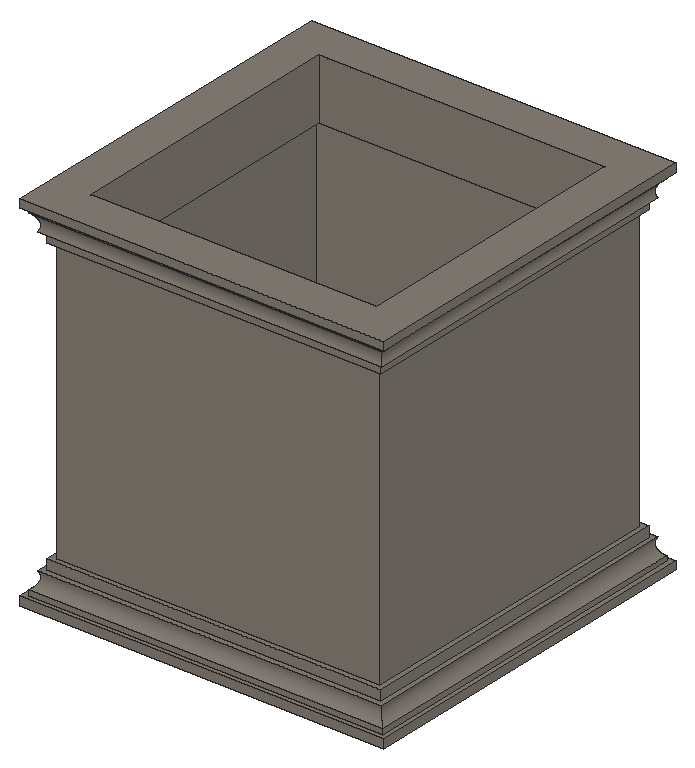
Revit family "Specialty_Equipment-Fiberglass_Planter-Planters_Unlimited-Laguna Rectangular square-rev", category Specialty Equipment, Revit 2023 (continued)
Types (596): name | Type Comments | Description | CD_Width | CD_Specification | CD_Product Page URL | CD_Height | CD_Length | CD_Divider
  96"L x 42"W x 36"H | "Rectangular Planter" | "Laguna Rectangular Planter" | 42.0" | "https://www.plantersunlimited.com/content/Planters/C19-LYN-REC.pdf" | "https://www.plantersunlimited.com/lynx-rectangular-planters48/" | 36.0" | 96.0" | yes
  96"L x 42"W x 42"H | "Rectangular Planter" | "Laguna Rectangular Planter" | 42.0" | "https://www.plantersunlimited.com/content/Planters/C19-LYN-REC.pdf" | "https://www.plantersunlimited.com/lynx-rectangular-planters48/" | 42.0" | 96.0" | yes
  96"L x 42"W x 48"H | "Rectangular Planter" | "Laguna Rectangular Planter" | 42.0" | "https://www.plantersunlimited.com/content/Planters/C19-LYN-REC.pdf" | "https://www.plantersunlimited.com/lynx-rectangular-planters48/" | 48.0" | 96.0" | yes
  108"L x 12"W x 18"H | "Rectangular Planter" | "Laguna Rectangular Planter" | 12.0" | "https://www.plantersunlimited.com/content/Planters/C19-LYN-REC.pdf" | "https://www.plantersunlimited.com/lynx-rectangular-planters48/" | 18.0" | 108.0" | yes
  108"L x 12"W x 24"H | "Rectangular Planter" | "Laguna Rectangular Planter" | 12.0" | "https://www.plantersunlimited.com/content/Planters/C19-LYN-REC.pdf" | "https://www.plantersunlimited.com/lynx-rectangular-planters48/" | 24.0" | 108.0" | yes
  108"L x 12"W x 30"H | "Rectangular Planter" | "Laguna Rectangular Planter" | 12.0" | "https://www.plantersunlimited.com/content/Planters/C19-LYN-REC.pdf" | "https://www.plantersunlimited.com/lynx-rectangular-planters48/" | 30.0" | 108.0" | yes
  108"L x 12"W x 36"H | "Rectangular Planter" | "Laguna Rectangular Planter" | 12.0" | "https://www.plantersunlimited.com/content/Planters/C19-LYN-REC.pdf" | "https://www.plantersunlimited.com/lynx-rectangular-planters48/" | 36.0" | 108.0" | yes
  108"L x 15"W x 18"H | "Rectangular Planter" | "Laguna Rectangular Planter" | 15.0" | "https://www.plantersunlimited.com/content/Planters/C19-LYN-REC.pdf" | "https://www.plantersunlimited.com/lynx-rectangular-planters48/" | 18.0" | 108.0" | yes
  108"L x 15"W x 24"H | "Rectangular Planter" | "Laguna Rectangular Planter" | 15.0" | "https://www.plantersunlimited.com/content/Planters/C19-LYN-REC.pdf" | "https://www.plantersunlimited.com/lynx-rectangular-planters48/" | 24.0" | 108.0" | yes
  108"L x 15"W x 30"H | "Rectangular Planter" | "Laguna Rectangular Planter" | 15.0" | "https://www.plantersunlimited.com/content/Planters/C19-LYN-REC.pdf" | "https://www.plantersunlimited.com/lynx-rectangular-planters48/" | 30.0" | 108.0" | yes
  108"L x 15"W x 36"H | "Rectangular Planter" | "Laguna Rectangular Planter" | 15.0" | "https://www.plantersunlimited.com/content/Planters/C19-LYN-REC.pdf" | "https://www.plantersunlimited.com/lynx-rectangular-planters48/" | 36.0" | 108.0" | yes
  108"L x 15"W x 42"H | "Rectangular Planter" | "Laguna Rectangular Planter" | 15.0" | "https://www.plantersunlimited.com/content/Planters/C19-LYN-REC.pdf" | "https://www.plantersunlimited.com/lynx-rectangular-planters48/" | 42.0" | 108.0" | yes
  108"L x 15"W x 48"H | "Rectangular Planter" | "Laguna Rectangular Planter" | 15.0" | "https://www.plantersunlimited.com/content/Planters/C19-LYN-REC.pdf" | "https://www.plantersunlimited.com/lynx-rectangular-planters48/" | 48.0" | 108.0" | yes
  108"L x 18"W x 18"H | "Rectangular Planter" | "Laguna Rectangular Planter" | 18.0" | "https://www.plantersunlimited.com/content/Planters/C19-LYN-REC.pdf" | "https://www.plantersunlimited.com/lynx-rectangular-planters48/" | 18.0" | 108.0" | yes
  108"L x 18"W x 24"H | "Rectangular Planter" | "Laguna Rectangular Planter" | 18.0" | "https://www.plantersunlimited.com/content/Planters/C19-LYN-REC.pdf" | "https://www.plantersunlimited.com/lynx-rectangular-planters48/" | 24.0" | 108.0" | yes
  108"L x 18"W x 30"H | "Rectangular Planter" | "Laguna Rectangular Planter" | 18.0" | "https://www.plantersunlimited.com/content/Planters/C19-LYN-REC.pdf" | "https://www.plantersunlimited.com/lynx-rectangular-planters48/" | 30.0" | 108.0" | yes
  108"L x 18"W x 36"H | "Rectangular Planter" | "Laguna Rectangular Planter" | 18.0" | "https://www.plantersunlimited.com/content/Planters/C19-LYN-REC.pdf" | "https://www.plantersunlimited.com/lynx-rectangular-planters48/" | 36.0" | 108.0" | yes
  108"L x 18"W x 42"H | "Rectangular Planter" | "Laguna Rectangular Planter" | 18.0" | "https://www.plantersunlimited.com/content/Planters/C19-LYN-REC.pdf" | "https://www.plantersunlimited.com/lynx-rectangular-planters48/" | 42.0" | 108.0" | yes
  108"L x 18"W x 48"H | "Rectangular Planter" | "Laguna Rectangular Planter" | 18.0" | "https://www.plantersunlimited.com/content/Planters/C19-LYN-REC.pdf" | "https://www.plantersunlimited.com/lynx-rectangular-planters48/" | 48.0" | 108.0" | yes
  108"L x 24"W x 18"H | "Rectangular Planter" | "Laguna Rectangular Planter" | 24.0" | "https://www.plantersunlimited.com/content/Planters/C19-LYN-REC.pdf" | "https://www.plantersunlimited.com/lynx-rectangular-planters48/" | 18.0" | 108.0" | yes
  108"L x 24"W x 24"H | "Rectangular Planter" | "Laguna Rectangular Planter" | 24.0" | "https://www.plantersunlimited.com/content/Planters/C19-LYN-REC.pdf" | "https://www.plantersunlimited.com/lynx-rectangular-planters48/" | 24.0" | 108.0" | yes
  108"L x 24"W x 30"H | "Rectangular Planter" | "Laguna Rectangular Planter" | 24.0" | "https://www.plantersunlimited.com/content/Planters/C19-LYN-REC.pdf" | "https://www.plantersunlimited.com/lynx-rectangular-planters48/" | 30.0" | 108.0" | yes
  108"L x 24"W x 36"H | "Rectangular Planter" | "Laguna Rectangular Planter" | 24.0" | "https://www.plantersunlimited.com/content/Planters/C19-LYN-REC.pdf" | "https://www.plantersunlimited.com/lynx-rectangular-planters48/" | 36.0" | 108.0" | yes
  108"L x 24"W x 42"H | "Rectangular Planter" | "Laguna Rectangular Planter" | 24.0" | "https://www.plantersunlimited.com/content/Planters/C19-LYN-REC.pdf" | "https://www.plantersunlimited.com/lynx-rectangular-planters48/" | 42.0" | 108.0" | yes
  108"L x 24"W x 48"H | "Rectangular Planter" | "Laguna Rectangular Planter" | 24.0" | "https://www.plantersunlimited.com/content/Planters/C19-LYN-REC.pdf" | "https://www.plantersunlimited.com/lynx-rectangular-planters48/" | 48.0" | 108.0" | yes
  108"L x 30"W x 18"H | "Rectangular Planter" | "Laguna Rectangular Planter" | 30.0" | "https://www.plantersunlimited.com/content/Planters/C19-LYN-REC.pdf" | "https://www.plantersunlimited.com/lynx-rectangular-planters48/" | 18.0" | 108.0" | yes
  108"L x 30"W x 24"H | "Rectangular Planter" | "Laguna Rectangular Planter" | 30.0" | "https://www.plantersunlimited.com/content/Planters/C19-LYN-REC.pdf" | "https://www.plantersunlimited.com/lynx-rectangular-planters48/" | 24.0" | 108.0" | yes
  108"L x 30"W x 30"H | "Rectangular Planter" | "Laguna Rectangular Planter" | 30.0" | "https://www.plantersunlimited.com/content/Planters/C19-LYN-REC.pdf" | "https://www.plantersunlimited.com/lynx-rectangular-planters48/" | 30.0" | 108.0" | yes
  108"L x 30"W x 36"H | "Rectangular Planter" | "Laguna Rectangular Planter" | 30.0" | "https://www.plantersunlimited.com/content/Planters/C19-LYN-REC.pdf" | "https://www.plantersunlimited.com/lynx-rectangular-planters48/" | 36.0" | 108.0" | yes
  108"L x 30"W x 42"H | "Rectangular Planter" | "Laguna Rectangular Planter" | 30.0" | "https://www.plantersunlimited.com/content/Planters/C19-LYN-REC.pdf" | "https://www.plantersunlimited.com/lynx-rectangular-planters48/" | 42.0" | 108.0" | yes
  108"L x 30"W x 48"H | "Rectangular Planter" | "Laguna Rectangular Planter" | 30.0" | "https://www.plantersunlimited.com/content/Planters/C19-LYN-REC.pdf" | "https://www.plantersunlimited.com/lynx-rectangular-planters48/" | 48.0" | 108.0" | yes
  108"L x 36"W x 18"H | "Rectangular Planter" | "Laguna Rectangular Planter" | 36.0" | "https://www.plantersunlimited.com/content/Planters/C19-LYN-REC.pdf" | "https://www.plantersunlimited.com/lynx-rectangular-planters48/" | 18.0" | 108.0" | yes
  108"L x 36"W x 24"H | "Rectangular Planter" | "Laguna Rectangular Planter" | 36.0" | "https://www.plantersunlimited.com/content/Planters/C19-LYN-REC.pdf" | "https://www.plantersunlimited.com/lynx-rectangular-planters48/" | 24.0" | 108.0" | yes
  108"L x 36"W x 30"H | "Rectangular Planter" | "Laguna Rectangular Planter" | 36.0" | "https://www.plantersunlimited.com/content/Planters/C19-LYN-REC.pdf" | "https://www.plantersunlimited.com/lynx-rectangular-planters48/" | 30.0" | 108.0" | yes
  108"L x 36"W x 36"H | "Rectangular Planter" | "Laguna Rectangular Planter" | 36.0" | "https://www.plantersunlimited.com/content/Planters/C19-LYN-REC.pdf" | "https://www.plantersunlimited.com/lynx-rectangular-planters48/" | 36.0" | 108.0" | yes
  108"L x 36"W x 42"H | "Rectangular Planter" | "Laguna Rectangular Planter" | 36.0" | "https://www.plantersunlimited.com/content/Planters/C19-LYN-REC.pdf" | "https://www.plantersunlimited.com/lynx-rectangular-planters48/" | 42.0" | 108.0" | yes
  108"L x 36"W x 48"H | "Rectangular Planter" | "Laguna Rectangular Planter" | 36.0" | "https://www.plantersunlimited.com/content/Planters/C19-LYN-REC.pdf" | "https://www.plantersunlimited.com/lynx-rectangular-planters48/" | 48.0" | 108.0" | yes
  108"L x 42"W x 18"H | "Rectangular Planter" | "Laguna Rectangular Planter" | 42.0" | "https://www.plantersunlimited.com/content/Planters/C19-LYN-REC.pdf" | "https://www.plantersunlimited.com/lynx-rectangular-planters48/" | 18.0" | 108.0" | yes
  108"L x 42"W x 24"H | "Rectangular Planter" | "Laguna Rectangular Planter" | 42.0" | "https://www.plantersunlimited.com/content/Planters/C19-LYN-REC.pdf" | "https://www.plantersunlimited.com/lynx-rectangular-planters48/" | 24.0" | 108.0" | yes
  108"L x 42"W x 30"H | "Rectangular Planter" | "Laguna Rectangular Planter" | 42.0" | "https://www.plantersunlimited.com/content/Planters/C19-LYN-REC.pdf" | "https://www.plantersunlimited.com/lynx-rectangular-planters48/" | 30.0" | 108.0" | yes
  108"L x 42"W x 36"H | "Rectangular Planter" | "Laguna Rectangular Planter" | 42.0" | "https://www.plantersunlimited.com/content/Planters/C19-LYN-REC.pdf" | "https://www.plantersunlimited.com/lynx-rectangular-planters48/" | 36.0" | 108.0" | yes
  108"L x 42"W x 42"H | "Rectangular Planter" | "Laguna Rectangular Planter" | 42.0" | "https://www.plantersunlimited.com/content/Planters/C19-LYN-REC.pdf" | "https://www.plantersunlimited.com/lynx-rectangular-planters48/" | 42.0" | 108.0" | yes
  108"L x 42"W x 48"H | "Rectangular Planter" | "Laguna Rectangular Planter" | 42.0" | "https://www.plantersunlimited.com/content/Planters/C19-LYN-REC.pdf" | "https://www.plantersunlimited.com/lynx-rectangular-planters48/" | 48.0" | 108.0" | yes
  120"L x 12"W x 18"H | "Rectangular Planter" | "Laguna Rectangular Planter" | 12.0" | "https://www.plantersunlimited.com/content/Planters/C19-LYN-REC.pdf" | "https://www.plantersunlimited.com/lynx-rectangular-planters48/" | 18.0" | 120.0" | yes
  120"L x 12"W x 24"H | "Rectangular Planter" | "Laguna Rectangular Planter" | 12.0" | "https://www.plantersunlimited.com/content/Planters/C19-LYN-REC.pdf" | "https://www.plantersunlimited.com/lynx-rectangular-planters48/" | 24.0" | 120.0" | yes
  120"L x 12"W x 30"H | "Rectangular Planter" | "Laguna Rectangular Planter" | 12.0" | "https://www.plantersunlimited.com/content/Planters/C19-LYN-REC.pdf" | "https://www.plantersunlimited.com/lynx-rectangular-planters48/" | 30.0" | 120.0" | yes
  120"L x 12"W x 36"H | "Rectangular Planter" | "Laguna Rectangular Planter" | 12.0" | "https://www.plantersunlimited.com/content/Planters/C19-LYN-REC.pdf" | "https://www.plantersunlimited.com/lynx-rectangular-planters48/" | 36.0" | 120.0" | yes
  120"L x 15"W x 18"H | "Rectangular Planter" | "Laguna Rectangular Planter" | 15.0" | "https://www.plantersunlimited.com/content/Planters/C19-LYN-REC.pdf" | "https://www.plantersunlimited.com/lynx-rectangular-planters48/" | 18.0" | 120.0" | yes
  120"L x 15"W x 24"H | "Rectangular Planter" | "Laguna Rectangular Planter" | 15.0" | "https://www.plantersunlimited.com/content/Planters/C19-LYN-REC.pdf" | "https://www.plantersunlimited.com/lynx-rectangular-planters48/" | 24.0" | 120.0" | yes
  120"L x 15"W x 30"H | "Rectangular Planter" | "Laguna Rectangular Planter" | 15.0" | "https://www.plantersunlimited.com/content/Planters/C19-LYN-REC.pdf" | "https://www.plantersunlimited.com/lynx-rectangular-planters48/" | 30.0" | 120.0" | yes
  120"L x 15"W x 36"H | "Rectangular Planter" | "Laguna Rectangular Planter" | 15.0" | "https://www.plantersunlimited.com/content/Planters/C19-LYN-REC.pdf" | "https://www.plantersunlimited.com/lynx-rectangular-planters48/" | 36.0" | 120.0" | yes
  120"L x 15"W x 42"H | "Rectangular Planter" | "Laguna Rectangular Planter" | 15.0" | "https://www.plantersunlimited.com/content/Planters/C19-LYN-REC.pdf" | "https://www.plantersunlimited.com/lynx-rectangular-planters48/" | 42.0" | 120.0" | yes
  120"L x 15"W x 48"H | "Rectangular Planter" | "Laguna Rectangular Planter" | 15.0" | "https://www.plantersunlimited.com/content/Planters/C19-LYN-REC.pdf" | "https://www.plantersunlimited.com/lynx-rectangular-planters48/" | 48.0" | 120.0" | yes
  120"L x 18"W x 18"H | "Rectangular Planter" | "Laguna Rectangular Planter" | 18.0" | "https://www.plantersunlimited.com/content/Planters/C19-LYN-REC.pdf" | "https://www.plantersunlimited.com/lynx-rectangular-planters48/" | 18.0" | 120.0" | yes
  120"L x 18"W x 24"H | "Rectangular Planter" | "Laguna Rectangular Planter" | 18.0" | "https://www.plantersunlimited.com/content/Planters/C19-LYN-REC.pdf" | "https://www.plantersunlimited.com/lynx-rectangular-planters48/" | 24.0" | 120.0" | yes
  120"L x 18"W x 30"H | "Rectangular Planter" | "Laguna Rectangular Planter" | 18.0" | "https://www.plantersunlimited.com/content/Planters/C19-LYN-REC.pdf" | "https://www.plantersunlimited.com/lynx-rectangular-planters48/" | 30.0" | 120.0" | yes
  120"L x 18"W x 36"H | "Rectangular Planter" | "Laguna Rectangular Planter" | 18.0" | "https://www.plantersunlimited.com/content/Planters/C19-LYN-REC.pdf" | "https://www.plantersunlimited.com/lynx-rectangular-planters48/" | 36.0" | 120.0" | yes
  120"L x 18"W x 42"H | "Rectangular Planter" | "Laguna Rectangular Planter" | 18.0" | "https://www.plantersunlimited.com/content/Planters/C19-LYN-REC.pdf" | "https://www.plantersunlimited.com/lynx-rectangular-planters48/" | 42.0" | 120.0" | yes
  120"L x 18"W x 48"H | "Rectangular Planter" | "Laguna Rectangular Planter" | 18.0" | "https://www.plantersunlimited.com/content/Planters/C19-LYN-REC.pdf" | "https://www.plantersunlimited.com/lynx-rectangular-planters48/" | 48.0" | 120.0" | yes
  120"L x 24"W x 18"H | "Rectangular Planter" | "Laguna Rectangular Planter" | 24.0" | "https://www.plantersunlimited.com/content/Planters/C19-LYN-REC.pdf" | "https://www.plantersunlimited.com/lynx-rectangular-planters48/" | 18.0" | 120.0" | yes
  120"L x 24"W x 24"H | "Rectangular Planter" | "Laguna Rectangular Planter" | 24.0" | "https://www.plantersunlimited.com/content/Planters/C19-LYN-REC.pdf" | "https://www.plantersunlimited.com/lynx-rectangular-planters48/" | 24.0" | 120.0" | yes
  120"L x 24"W x 30"H | "Rectangular Planter" | "Laguna Rectangular Planter" | 24.0" | "https://www.plantersunlimited.com/content/Planters/C19-LYN-REC.pdf" | "https://www.plantersunlimited.com/lynx-rectangular-planters48/" | 30.0" | 120.0" | yes
  120"L x 24"W x 36"H | "Rectangular Planter" | "Laguna Rectangular Planter" | 24.0" | "https://www.plantersunlimited.com/content/Planters/C19-LYN-REC.pdf" | "https://www.plantersunlimited.com/lynx-rectangular-planters48/" | 36.0" | 120.0" | yes
  120"L x 24"W x 42"H | "Rectangular Planter" | "Laguna Rectangular Planter" | 24.0" | "https://www.plantersunlimited.com/content/Planters/C19-LYN-REC.pdf" | "https://www.plantersunlimited.com/lynx-rectangular-planters48/" | 42.0" | 120.0" | yes
  120"L x 24"W x 48"H | "Rectangular Planter" | "Laguna Rectangular Planter" | 24.0" | "https://www.plantersunlimited.com/content/Planters/C19-LYN-REC.pdf" | "https://www.plantersunlimited.com/lynx-rectangular-planters48/" | 48.0" | 120.0" | yes
  120"L x 30"W x 18"H | "Rectangular Planter" | "Laguna Rectangular Planter" | 30.0" | "https://www.plantersunlimited.com/content/Planters/C19-LYN-REC.pdf" | "https://www.plantersunlimited.com/lynx-rectangular-planters48/" | 18.0" | 120.0" | yes
  120"L x 30"W x 24"H | "Rectangular Planter" | "Laguna Rectangular Planter" | 30.0" | "https://www.plantersunlimited.com/content/Planters/C19-LYN-REC.pdf" | "https://www.plantersunlimited.com/lynx-rectangular-planters48/" | 24.0" | 120.0" | yes
  120"L x 30"W x 30"H | "Rectangular Planter" | "Laguna Rectangular Planter" | 30.0" | "https://www.plantersunlimited.com/content/Planters/C19-LYN-REC.pdf" | "https://www.plantersunlimited.com/lynx-rectangular-planters48/" | 30.0" | 120.0" | yes
  120"L x 30"W x 36"H | "Rectangular Planter" | "Laguna Rectangular Planter" | 30.0" | "https://www.plantersunlimited.com/content/Planters/C19-LYN-REC.pdf" | "https://www.plantersunlimited.com/lynx-rectangular-planters48/" | 36.0" | 120.0" | yes
  120"L x 30"W x 42"H | "Rectangular Planter" | "Laguna Rectangular Planter" | 30.0" | "https://www.plantersunlimited.com/content/Planters/C19-LYN-REC.pdf" | "https://www.plantersunlimited.com/lynx-rectangular-planters48/" | 42.0" | 120.0" | yes
  120"L x 30"W x 48"H | "Rectangular Planter" | "Laguna Rectangular Planter" | 30.0" | "https://www.plantersunlimited.com/content/Planters/C19-LYN-REC.pdf" | "https://www.plantersunlimited.com/lynx-rectangular-planters48/" | 48.0" | 120.0" | yes
  120"L x 36"W x 18"H | "Rectangular Planter" | "Laguna Rectangular Planter" | 36.0" | "https://www.plantersunlimited.com/content/Planters/C19-LYN-REC.pdf" | "https://www.plantersunlimited.com/lynx-rectangular-planters48/" | 18.0" | 120.0" | yes
  120"L x 36"W x 24"H | "Rectangular Planter" | "Laguna Rectangular Planter" | 36.0" | "https://www.plantersunlimited.com/content/Planters/C19-LYN-REC.pdf" | "https://www.plantersunlimited.com/lynx-rectangular-planters48/" | 24.0" | 120.0" | yes
  120"L x 36"W x 30"H | "Rectangular Planter" | "Laguna Rectangular Planter" | 36.0" | "https://www.plantersunlimited.com/content/Planters/C19-LYN-REC.pdf" | "https://www.plantersunlimited.com/lynx-rectangular-planters48/" | 30.0" | 120.0" | yes
  120"L x 36"W x 36"H | "Rectangular Planter" | "Laguna Rectangular Planter" | 36.0" | "https://www.plantersunlimited.com/content/Planters/C19-LYN-REC.pdf" | "https://www.plantersunlimited.com/lynx-rectangular-planters48/" | 36.0" | 120.0" | yes
  120"L x 36"W x 42"H | "Rectangular Planter" | "Laguna Rectangular Planter" | 36.0" | "https://www.plantersunlimited.com/content/Planters/C19-LYN-REC.pdf" | "https://www.plantersunlimited.com/lynx-rectangular-planters48/" | 42.0" | 120.0" | yes
  120"L x 36"W x 48"H | "Rectangular Planter" | "Laguna Rectangular Planter" | 36.0" | "https://www.plantersunlimited.com/content/Planters/C19-LYN-REC.pdf" | "https://www.plantersunlimited.com/lynx-rectangular-planters48/" | 48.0" | 120.0" | yes
  120"L x 42"W x 18"H | "Rectangular Planter" | "Laguna Rectangular Planter" | 42.0" | "https://www.plantersunlimited.com/content/Planters/C19-LYN-REC.pdf" | "https://www.plantersunlimited.com/lynx-rectangular-planters48/" | 18.0" | 120.0" | yes
  120"L x 42"W x 24"H | "Rectangular Planter" | "Laguna Rectangular Planter" | 42.0" | "https://www.plantersunlimited.com/content/Planters/C19-LYN-REC.pdf" | "https://www.plantersunlimited.com/lynx-rectangular-planters48/" | 24.0" | 120.0" | yes
  120"L x 42"W x 30"H | "Rectangular Planter" | "Laguna Rectangular Planter" | 42.0" | "https://www.plantersunlimited.com/content/Planters/C19-LYN-REC.pdf" | "https://www.plantersunlimited.com/lynx-rectangular-planters48/" | 30.0" | 120.0" | yes
  120"L x 42"W x 36"H | "Rectangular Planter" | "Laguna Rectangular Planter" | 42.0" | "https://www.plantersunlimited.com/content/Planters/C19-LYN-REC.pdf" | "https://www.plantersunlimited.com/lynx-rectangular-planters48/" | 36.0" | 120.0" | yes
  120"L x 42"W x 42"H | "Rectangular Planter" | "Laguna Rectangular Planter" | 42.0" | "https://www.plantersunlimited.com/content/Planters/C19-LYN-REC.pdf" | "https://www.plantersunlimited.com/lynx-rectangular-planters48/" | 42.0" | 120.0" | yes
  120"L x 42"W x 48"H | "Rectangular Planter" | "Laguna Rectangular Planter" | 42.0" | "https://www.plantersunlimited.com/content/Planters/C19-LYN-REC.pdf" | "https://www.plantersunlimited.com/lynx-rectangular-planters48/" | 48.0" | 120.0" | yes
  18"L x 18"W x 18"H | "Square Planter" | "Laguna Square Planter" | 18.0" | "https://www.plantersunlimited.com/content/Planters/C19-LYN-REC.pdf" | "https://www.plantersunlimited.com/lynx-rectangular-planters48/" | 18.0" | 18.0" | no
  18"L x 18"W x 24"H | "Square Planter" | "Laguna Square Planter" | 18.0" | "https://www.plantersunlimited.com/content/Planters/C19-LYN-REC.pdf" | "https://www.plantersunlimited.com/lynx-rectangular-planters48/" | 24.0" | 18.0" | no
  18"L x 18"W x 30"H | "Square Planter" | "Laguna Square Planter" | 18.0" | "https://www.plantersunlimited.com/content/Planters/C19-LYN-REC.pdf" | "https://www.plantersunlimited.com/lynx-rectangular-planters48/" | 30.0" | 18.0" | no
  18"L x 18"W x 36"H | "Square Planter" | "Laguna Square Planter" | 18.0" | "https://www.plantersunlimited.com/content/Planters/C19-LYN-REC.pdf" | "https://www.plantersunlimited.com/lynx-rectangular-planters48/" | 36.0" | 18.0" | no
  18"L x 18"W x 42"H | "Square Planter" | "Laguna Square Planter" | 18.0" | "https://www.plantersunlimited.com/content/Planters/C19-LYN-REC.pdf" | "https://www.plantersunlimited.com/lynx-rectangular-planters48/" | 42.0" | 18.0" | no
  18"L x 18"W x 48"H | "Square Planter" | "Laguna Square Planter" | 18.0" | "https://www.plantersunlimited.com/content/Planters/C19-LYN-REC.pdf" | "https://www.plantersunlimited.com/lynx-rectangular-planters48/" | 48.0" | 18.0" | no
  18"L x 18"W x 54"H | "Square Planter" | "Laguna Square Planter" | 18.0" | "https://www.plantersunlimited.com/content/Planters/C19-LYN-REC.pdf" | "https://www.plantersunlimited.com/lynx-rectangular-planters48/" | 54.0" | 18.0" | no
  18"L x 18"W x 60"H | "Square Planter" | "Laguna Square Planter" | 18.0" | "https://www.plantersunlimited.com/content/Planters/C19-LYN-REC.pdf" | "https://www.plantersunlimited.com/lynx-rectangular-planters48/" | 60.0" | 18.0" | no
  24"L x 24"W x 18"H | "Square Planter" | "Laguna Square Planter" | 24.0" | "https://www.plantersunlimited.com/content/Planters/C19-LYN-REC.pdf" | "https://www.plantersunlimited.com/lynx-rectangular-planters48/" | 18.0" | 24.0" | no
  24"L x 24"W x 24"H | "Square Planter" | "Laguna Square Planter" | 24.0" | "https://www.plantersunlimited.com/content/Planters/C19-LYN-REC.pdf" | "https://www.plantersunlimited.com/lynx-rectangular-planters48/" | 24.0" | 24.0" | no
  24"L x 24"W x 30"H | "Square Planter" | "Laguna Square Planter" | 24.0" | "https://www.plantersunlimited.com/content/Planters/C19-LYN-REC.pdf" | "https://www.plantersunlimited.com/lynx-rectangular-planters48/" | 30.0" | 24.0" | no
  24"L x 24"W x 36"H | "Square Planter" | "Laguna Square Planter" | 24.0" | "https://www.plantersunlimited.com/content/Planters/C19-LYN-REC.pdf" | "https://www.plantersunlimited.com/lynx-rectangular-planters48/" | 36.0" | 24.0" | no
  24"L x 24"W x 42"H | "Square Planter" | "Laguna Square Planter" | 24.0" | "https://www.plantersunlimited.com/content/Planters/C19-LYN-REC.pdf" | "https://www.plantersunlimited.com/lynx-rectangular-planters48/" | 42.0" | 24.0" | no
  24"L x 24"W x 48"H | "Square Planter" | "Laguna Square Planter" | 24.0" | "https://www.plantersunlimited.com/content/Planters/C19-LYN-REC.pdf" | "https://www.plantersunlimited.com/lynx-rectangular-planters48/" | 48.0" | 24.0" | no
  24"L x 24"W x 54"H | "Square Planter" | "Laguna Square Planter" | 24.0" | "https://www.plantersunlimited.com/content/Planters/C19-LYN-REC.pdf" | "https://www.plantersunlimited.com/lynx-rectangular-planters48/" | 54.0" | 24.0" | no
  24"L x 24"W x 60"H | "Square Planter" | "Laguna Square Planter" | 24.0" | "https://www.plantersunlimited.com/content/Planters/C19-LYN-REC.pdf" | "https://www.plantersunlimited.com/lynx-rectangular-planters48/" | 60.0" | 24.0" | no
  30"L x 30"W x 18"H | "Square Planter" | "Laguna Square Planter" | 30.0" | "https://www.plantersunlimited.com/content/Planters/C19-LYN-REC.pdf" | "https://www.plantersunlimited.com/lynx-rectangular-planters48/" | 18.0" | 30.0" | no
  30"L x 30"W x 24"H | "Square Planter" | "Laguna Square Planter" | 30.0" | "https://www.plantersunlimited.com/content/Planters/C19-LYN-REC.pdf" | "https://www.plantersunlimited.com/lynx-rectangular-planters48/" | 24.0" | 30.0" | no
  30"L x 30"W x 30"H | "Square Planter" | "Laguna Square Planter" | 30.0" | "https://www.plantersunlimited.com/content/Planters/C19-LYN-REC.pdf" | "https://www.plantersunlimited.com/lynx-rectangular-planters48/" | 30.0" | 30.0" | no
  30"L x 30"W x 36"H | "Square Planter" | "Laguna Square Planter" | 30.0" | "https://www.plantersunlimited.com/content/Planters/C19-LYN-REC.pdf" | "https://www.plantersunlimited.com/lynx-rectangular-planters48/" | 36.0" | 30.0" | no
  30"L x 30"W x 42"H | "Square Planter" | "Laguna Square Planter" | 30.0" | "https://www.plantersunlimited.com/content/Planters/C19-LYN-REC.pdf" | "https://www.plantersunlimited.com/lynx-rectangular-planters48/" | 42.0" | 30.0" | no
  30"L x 30"W x 48"H | "Square Planter" | "Laguna Square Planter" | 30.0" | "https://www.plantersunlimited.com/content/Planters/C19-LYN-REC.pdf" | "https://www.plantersunlimited.com/lynx-rectangular-planters48/" | 48.0" | 30.0" | no
  30"L x 30"W x 54"H | "Square Planter" | "Laguna Square Planter" | 30.0" | "https://www.plantersunlimited.com/content/Planters/C19-LYN-REC.pdf" | "https://www.plantersunlimited.com/lynx-rectangular-planters48/" | 54.0" | 30.0" | no
  30"L x 30"W x 60"H | "Square Planter" | "Laguna Square Planter" | 30.0" | "https://www.plantersunlimited.com/content/Planters/C19-LYN-REC.pdf" | "https://www.plantersunlimited.com/lynx-rectangular-planters48/" | 60.0" | 30.0" | no
  36"L x 36"W x 18"H | "Square Planter" | "Laguna Square Planter" | 36.0" | "https://www.plantersunlimited.com/content/Planters/C19-LYN-REC.pdf" | "https://www.plantersunlimited.com/lynx-rectangular-planters48/" | 18.0" | 36.0" | no
  36"L x 36"W x 24"H | "Square Planter" | "Laguna Square Planter" | 36.0" | "https://www.plantersunlimited.com/content/Planters/C19-LYN-REC.pdf" | "https://www.plantersunlimited.com/lynx-rectangular-planters48/" | 24.0" | 36.0" | no
  36"L x 36"W x 30"H | "Square Planter" | "Laguna Square Planter" | 36.0" | "https://www.plantersunlimited.com/content/Planters/C19-LYN-REC.pdf" | "https://www.plantersunlimited.com/lynx-rectangular-planters48/" | 30.0" | 36.0" | no
  36"L x 36"W x 36"H | "Square Planter" | "Laguna Square Planter" | 36.0" | "https://www.plantersunlimited.com/content/Planters/C19-LYN-REC.pdf" | "https://www.plantersunlimited.com/lynx-rectangular-planters48/" | 36.0" | 36.0" | no
  36"L x 36"W x 42"H | "Square Planter" | "Laguna Square Planter" | 36.0" | "https://www.plantersunlimited.com/content/Planters/C19-LYN-REC.pdf" | "https://www.plantersunlimited.com/lynx-rectangular-planters48/" | 42.0" | 36.0" | no
  36"L x 36"W x 48"H | "Square Planter" | "Laguna Square Planter" | 36.0" | "https://www.plantersunlimited.com/content/Planters/C19-LYN-REC.pdf" | "https://www.plantersunlimited.com/lynx-rectangular-planters48/" | 48.0" | 36.0" | no
  36"L x 36"W x 54"H | "Square Planter" | "Laguna Square Planter" | 36.0" | "https://www.plantersunlimited.com/content/Planters/C19-LYN-REC.pdf" | "https://www.plantersunlimited.com/lynx-rectangular-planters48/" | 54.0" | 36.0" | no
  36"L x 36"W x 60"H | "Square Planter" | "Laguna Square Planter" | 36.0" | "https://www.plantersunlimited.com/content/Planters/C19-LYN-REC.pdf" | "https://www.plantersunlimited.com/lynx-rectangular-planters48/" | 60.0" | 36.0" | no
  42"L x 42"W x 18"H | "Square Planter" | "Laguna Square Planter" | 42.0" | "https://www.plantersunlimited.com/content/Planters/C19-LYN-REC.pdf" | "https://www.plantersunlimited.com/lynx-rectangular-planters48/" | 18.0" | 42.0" | no
  42"L x 42"W x 24"H | "Square Planter" | "Laguna Square Planter" | 42.0" | "https://www.plantersunlimited.com/content/Planters/C19-LYN-REC.pdf" | "https://www.plantersunlimited.com/lynx-rectangular-planters48/" | 24.0" | 42.0" | no
  42"L x 42"W x 30"H | "Square Planter" | "Laguna Square Planter" | 42.0" | "https://www.plantersunlimited.com/content/Planters/C19-LYN-REC.pdf" | "https://www.plantersunlimited.com/lynx-rectangular-planters48/" | 30.0" | 42.0" | no
  42"L x 42"W x 36"H | "Square Planter" | "Laguna Square Planter" | 42.0" | "https://www.plantersunlimited.com/content/Planters/C19-LYN-REC.pdf" | "https://www.plantersunlimited.com/lynx-rectangular-planters48/" | 36.0" | 42.0" | no
  42"L x 42"W x 42"H | "Square Planter" | "Laguna Square Planter" | 42.0" | "https://www.plantersunlimited.com/content/Planters/C19-LYN-REC.pdf" | "https://www.plantersunlimited.com/lynx-rectangular-planters48/" | 42.0" | 42.0" | no
  42"L x 42"W x 48"H | "Square Planter" | "Laguna Square Planter" | 42.0" | "https://www.plantersunlimited.com/content/Planters/C19-LYN-REC.pdf" | "https://www.plantersunlimited.com/lynx-rectangular-planters48/" | 48.0" | 42.0" | no
  42"L x 42"W x 54"H | "Square Planter" | "Laguna Square Planter" | 42.0" | "https://www.plantersunlimited.com/content/Planters/C19-LYN-REC.pdf" | "https://www.plantersunlimited.com/lynx-rectangular-planters48/" | 54.0" | 42.0" | no
  42"L x 42"W x 60"H | "Square Planter" | "Laguna Square Planter" | 42.0" | "https://www.plantersunlimited.com/content/Planters/C19-LYN-REC.pdf" | "https://www.plantersunlimited.com/lynx-rectangular-planters48/" | 60.0" | 42.0" | no
  48"L x 48"W x 18"H | "Square Planter" | "Laguna Square Planter" | 48.0" | "https://www.plantersunlimited.com/content/Planters/C19-LYN-REC.pdf" | "https://www.plantersunlimited.com/lynx-rectangular-planters48/" | 18.0" | 48.0" | no
  48"L x 48"W x 24"H | "Square Planter" | "Laguna Square Planter" | 48.0" | "https://www.plantersunlimited.com/content/Planters/C19-LYN-REC.pdf" | "https://www.plantersunlimited.com/lynx-rectangular-planters48/" | 24.0" | 48.0" | no
  48"L x 48"W x 30"H | "Square Planter" | "Laguna Square Planter" | 48.0" | "https://www.plantersunlimited.com/content/Planters/C19-LYN-REC.pdf" | "https://www.plantersunlimited.com/lynx-rectangular-planters48/" | 30.0" | 48.0" | no
  48"L x 48"W x 36"H | "Square Planter" | "Laguna Square Planter" | 48.0" | "https://www.plantersunlimited.com/content/Planters/C19-LYN-REC.pdf" | "https://www.plantersunlimited.com/lynx-rectangular-planters48/" | 36.0" | 48.0" | no
  48"L x 48"W x 42"H | "Square Planter" | "Laguna Square Planter" | 48.0" | "https://www.plantersunlimited.com/content/Planters/C19-LYN-REC.pdf" | "https://www.plantersunlimited.com/lynx-rectangular-planters48/" | 42.0" | 48.0" | no
  48"L x 48"W x 48"H | "Square Planter" | "Laguna Square Planter" | 48.0" | "https://www.plantersunlimited.com/content/Planters/C19-LYN-REC.pdf" | "https://www.plantersunlimited.com/lynx-rectangular-planters48/" | 48.0" | 48.0" | no
  48"L x 48"W x 54"H | "Square Planter" | "Laguna Square Planter" | 48.0" | "https://www.plantersunlimited.com/content/Planters/C19-LYN-REC.pdf" | "https://www.plantersunlimited.com/lynx-rectangular-planters48/" | 54.0" | 48.0" | no
  48"L x 48"W x 60"H | "Square Planter" | "Laguna Square Planter" | 48.0" | "https://www.plantersunlimited.com/content/Planters/C19-LYN-REC.pdf" | "https://www.plantersunlimited.com/lynx-rectangular-planters48/" | 60.0" | 48.0" | no
  60"L x 60"W x 18"H | "Square Planter" | "Laguna Square Planter" | 60.0" | "https://www.plantersunlimited.com/content/Planters/C19-LYN-REC.pdf" | "https://www.plantersunlimited.com/lynx-rectangular-planters48/" | 18.0" | 60.0" | yes
  60"L x 60"W x 24"H | "Square Planter" | "Laguna Square Planter" | 60.0" | "https://www.plantersunlimited.com/content/Planters/C19-LYN-REC.pdf" | "https://www.plantersunlimited.com/lynx-rectangular-planters48/" | 24.0" | 60.0" | yes
  60"L x 60"W x 30"H | "Square Planter" | "Laguna Square Planter" | 60.0" | "https://www.plantersunlimited.com/content/Planters/C19-LYN-REC.pdf" | "https://www.plantersunlimited.com/lynx-rectangular-planters48/" | 30.0" | 60.0" | yes
  60"L x 60"W x 36"H | "Square Planter" | "Laguna Square Planter" | 60.0" | "https://www.plantersunlimited.com/content/Planters/C19-LYN-REC.pdf" | "https://www.plantersunlimited.com/lynx-rectangular-planters48/" | 36.0" | 60.0" | yes
  60"L x 60"W x 42"H | "Square Planter" | "Laguna Square Planter" | 60.0" | "https://www.plantersunlimited.com/content/Planters/C19-LYN-REC.pdf" | "https://www.plantersunlimited.com/lynx-rectangular-planters48/" | 42.0" | 60.0" | yes
  60"L x 60"W x 48"H | "Square Planter" | "Laguna Square Planter" | 60.0" | "https://www.plantersunlimited.com/content/Planters/C19-LYN-REC.pdf" | "https://www.plantersunlimited.com/lynx-rectangular-planters48/" | 48.0" | 60.0" | yes
  60"L x 60"W x 54"H | "Square Planter" | "Laguna Square Planter" | 60.0" | "https://www.plantersunlimited.com/content/Planters/C19-LYN-REC.pdf" | "https://www.plantersunlimited.com/lynx-rectangular-planters48/" | 54.0" | 60.0" | yes
  60"L x 60"W x 60"H | "Square Planter" | "Laguna Square Planter" | 60.0" | "https://www.plantersunlimited.com/content/Planters/C19-LYN-REC.pdf" | "https://www.plantersunlimited.com/lynx-rectangular-planters48/" | 60.0" | 60.0" | yes
  66"L x 66"W x 18"H | "Square Planter" | "Laguna Square Planter" | 66.0" | "https://www.plantersunlimited.com/content/Planters/C19-LYN-REC.pdf" | "https://www.plantersunlimited.com/lynx-rectangular-planters48/" | 18.0" | 66.0" | yes
  66"L x 66"W x 24"H | "Square Planter" | "Laguna Square Planter" | 66.0" | "https://www.plantersunlimited.com/content/Planters/C19-LYN-REC.pdf" | "https://www.plantersunlimited.com/lynx-rectangular-planters48/" | 24.0" | 66.0" | yes
  66"L x 66"W x 30"H | "Square Planter" | "Laguna Square Planter" | 66.0" | "https://www.plantersunlimited.com/content/Planters/C19-LYN-REC.pdf" | "https://www.plantersunlimited.com/lynx-rectangular-planters48/" | 30.0" | 66.0" | yes
  66"L x 66"W x 36"H | "Square Planter" | "Laguna Square Planter" | 66.0" | "https://www.plantersunlimited.com/content/Planters/C19-LYN-REC.pdf" | "https://www.plantersunlimited.com/lynx-rectangular-planters48/" | 36.0" | 66.0" | yes
  66"L x 66"W x 42"H | "Square Planter" | "Laguna Square Planter" | 66.0" | "https://www.plantersunlimited.com/content/Planters/C19-LYN-REC.pdf" | "https://www.plantersunlimited.com/lynx-rectangular-planters48/" | 42.0" | 66.0" | yes
  66"L x 66"W x 48"H | "Square Planter" | "Laguna Square Planter" | 66.0" | "https://www.plantersunlimited.com/content/Planters/C19-LYN-REC.pdf" | "https://www.plantersunlimited.com/lynx-rectangular-planters48/" | 48.0" | 66.0" | yes
  66"L x 66"W x 54"H | "Square Planter" | "Laguna Square Planter" | 66.0" | "https://www.plantersunlimited.com/content/Planters/C19-LYN-REC.pdf" | "https://www.plantersunlimited.com/lynx-rectangular-planters48/" | 54.0" | 66.0" | yes
  66"L x 66"W x 60"H | "Square Planter" | "Laguna Square Planter" | 66.0" | "https://www.plantersunlimited.com/content/Planters/C19-LYN-REC.pdf" | "https://www.plantersunlimited.com/lynx-rectangular-planters48/" | 60.0" | 66.0" | yes
  72"L x 72"W x 18"H | "Square Planter" | "Laguna Square Planter" | 72.0" | "https://www.plantersunlimited.com/content/Planters/C19-LYN-REC.pdf" | "https://www.plantersunlimited.com/lynx-rectangular-planters48/" | 18.0" | 72.0" | yes
  72"L x 72"W x 24"H | "Square Planter" | "Laguna Square Planter" | 72.0" | "https://www.plantersunlimited.com/content/Planters/C19-LYN-REC.pdf" | "https://www.plantersunlimited.com/lynx-rectangular-planters48/" | 24.0" | 72.0" | yes
  72"L x 72"W x 30"H | "Square Planter" | "Laguna Square Planter" | 72.0" | "https://www.plantersunlimited.com/content/Planters/C19-LYN-REC.pdf" | "https://www.plantersunlimited.com/lynx-rectangular-planters48/" | 30.0" | 72.0" | yes
  72"L x 72"W x 36"H | "Square Planter" | "Laguna Square Planter" | 72.0" | "https://www.plantersunlimited.com/content/Planters/C19-LYN-REC.pdf" | "https://www.plantersunlimited.com/lynx-rectangular-planters48/" | 36.0" | 72.0" | yes
  72"L x 72"W x 42"H | "Square Planter" | "Laguna Square Planter" | 72.0" | "https://www.plantersunlimited.com/content/Planters/C19-LYN-REC.pdf" | "https://www.plantersunlimited.com/lynx-rectangular-planters48/" | 42.0" | 72.0" | yes
  72"L x 72"W x 48"H | "Square Planter" | "Laguna Square Planter" | 72.0" | "https://www.plantersunlimited.com/content/Planters/C19-LYN-REC.pdf" | "https://www.plantersunlimited.com/lynx-rectangular-planters48/" | 48.0" | 72.0" | yes
  72"L x 72"W x 54"H | "Square Planter" | "Laguna Square Planter" | 72.0" | "https://www.plantersunlimited.com/content/Planters/C19-LYN-REC.pdf" | "https://www.plantersunlimited.com/lynx-rectangular-planters48/" | 54.0" | 72.0" | yes
  72"L x 72"W x 60"H | "Square Planter" | "Laguna Square Planter" | 72.0" | "https://www.plantersunlimited.com/content/Planters/C19-LYN-REC.pdf" | "https://www.plantersunlimited.com/lynx-rectangular-planters48/" | 60.0" | 72.0" | yes
